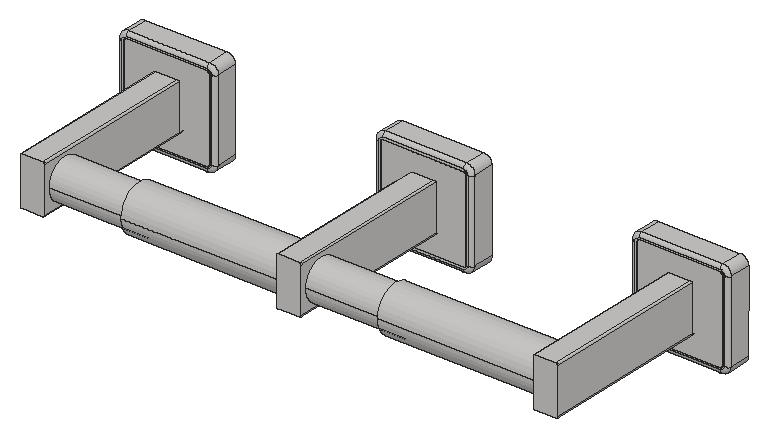
Revit family
Parameters (values of type "B-686")
  URL = "http://www.bobrick.com/"
  Revised Date = "30/08/2013"
  Product URL = "http://www.bobrick.com/washroomaccessories/Pages/ProductDetails.aspx?Product+Number=B-686"
  Phone # = "416.250.5656"
  Model = "B-686"
  Material = Stainless Steel
  Manufacturer = "Bobrick"
  Designed By = "ATS BIM Team"
  Description = "DOUBLE-ROLL TOILET TISSUE DISPENSER"
  Assembly Code = "E2020200"
Reference planes (in)
  plane 1 "Center (Front/Back)": y = 0
  plane 2: z = 0
  plane 3 "Center (Left/Right)": x = 0
  plane 4: y = -3.9375
  plane 5: z = 20
  plane 6: z = 18
  plane 7: y = -0.5
  plane 8: z = 19
  plane 9: x = -5.25
  plane 10: x = -6.25
  plane 11: x = -4.25
  plane 12: x = 1
  plane 13: x = -1
  plane 14: x = 5.25
  plane 15: x = 6.25
  plane 16: x = 4.25
Forms (in)
  Sweep 1, solid, material "Stainless Steel" <- "Material"
    path origin (-2.625, 0, 0) x (1, 0, 0) y (0, 0, 1)
      loop
        arc (-3.45534, 19.875) -> (-3.48692, 19.86192) -> (-3.5, 19.83034) r 0.04466
        line (-3.5, 19.83034) -> (-3.5, 18.16966)
        arc (-3.5, 18.16966) -> (-3.48692, 18.13808) -> (-3.45534, 18.125) r 0.04466
        line (-3.45534, 18.125) -> (-1.79466, 18.125)
        arc (-1.79466, 18.125) -> (-1.76308, 18.13808) -> (-1.75, 18.16966) r 0.04466
        line (-1.75, 18.16966) -> (-1.75, 19.83034)
        arc (-1.75, 19.83034) -> (-1.76308, 19.86192) -> (-1.79466, 19.875) r 0.04466
        line (-1.79466, 19.875) -> (-3.45534, 19.875)
    profile origin (-5.25, 0, 19.875) x (0, 0, 1) y (0, -1, 0)
      loop
        line (0, 0) -> (0.125, 0) -> (0.125, 0.43237)
        arc (0.125, 0.43237) -> (0.09627, 0.47998) -> (0.0444, 0.5) r 0.08586
        line (0.0444, 0.5) -> (0, 0.5) -> (0, 0)
  Extrusion 2, solid, material "Stainless Steel" <- "Material"
    sketch origin (-2.625, 0, 0) x (1, 0, 0) y (0, 0, 1)
      loop
        arc (-3.5, 18.16966) -> (-3.48692, 18.13808) -> (-3.45534, 18.125) r 0.04466
        line (-3.45534, 18.125) -> (-1.79466, 18.125)
        arc (-1.79466, 18.125) -> (-1.76308, 18.13808) -> (-1.75, 18.16966) r 0.04466
        line (-1.75, 18.16966) -> (-1.75, 19.83034)
        arc (-1.75, 19.83034) -> (-1.76308, 19.86192) -> (-1.79466, 19.875) r 0.04466
        line (-1.79466, 19.875) -> (-3.45534, 19.875)
        arc (-3.45534, 19.875) -> (-3.48692, 19.86192) -> (-3.5, 19.83034) r 0.04466
        line (-3.5, 19.83034) -> (-3.5, 18.16966)
    from 0 to 0.5
  Extrusion 3, solid, material "Stainless Steel" <- "Material"
    sketch origin (-2.625, 0, 0) x (1, 0, 0) y (0, 0, 1)
      loop
        arc (-2.84381, 19.5) -> (-2.86587, 19.49087) -> (-2.875, 19.46881) r 0.03119
        line (-2.875, 19.46881) -> (-2.875, 18.53119)
        arc (-2.875, 18.53119) -> (-2.86587, 18.50913) -> (-2.84381, 18.5) r 0.03119
        line (-2.84381, 18.5) -> (-2.40619, 18.5)
        arc (-2.40619, 18.5) -> (-2.38413, 18.50913) -> (-2.375, 18.53119) r 0.03119
        line (-2.375, 18.53119) -> (-2.375, 19.46881)
        arc (-2.375, 19.46881) -> (-2.38413, 19.49087) -> (-2.40619, 19.5) r 0.03119
        line (-2.40619, 19.5) -> (-2.84381, 19.5)
    from 0 to 3.9375
  Sweep 4, solid, material "Stainless Steel" <- "Material"
    path origin (-2.625, 0, 0) x (-1, 0, 0) y (0, 0, 1)
      loop
        arc (-3.45534, 19.875) -> (-3.48692, 19.86192) -> (-3.5, 19.83034) r 0.04466
        line (-3.5, 19.83034) -> (-3.5, 18.16966)
        arc (-3.5, 18.16966) -> (-3.48692, 18.13808) -> (-3.45534, 18.125) r 0.04466
        line (-3.45534, 18.125) -> (-1.79466, 18.125)
        arc (-1.79466, 18.125) -> (-1.76308, 18.13808) -> (-1.75, 18.16966) r 0.04466
        line (-1.75, 18.16966) -> (-1.75, 19.83034)
        arc (-1.75, 19.83034) -> (-1.76308, 19.86192) -> (-1.79466, 19.875) r 0.04466
        line (-1.79466, 19.875) -> (-3.45534, 19.875)
    profile origin (0, 0, 19.875) x (0, 0, -1) y (0, -1, 0)
      loop
        line (0, 0) -> (0, 0.5) -> (-0.0444, 0.5)
        arc (-0.0444, 0.5) -> (-0.09627, 0.47998) -> (-0.125, 0.43237) r 0.08586
        line (-0.125, 0.43237) -> (-0.125, 0) -> (0, 0)
  Extrusion 5, solid, material "Stainless Steel" <- "Material"
    sketch origin (-2.625, 0, 0) x (-1, 0, 0) y (0, 0, -1)
      loop
        line (-3.5, -18.16966) -> (-3.5, -19.83034)
        arc (-3.5, -19.83034) -> (-3.48692, -19.86192) -> (-3.45534, -19.875) r 0.04466
        line (-3.45534, -19.875) -> (-1.79466, -19.875)
        arc (-1.79466, -19.875) -> (-1.76308, -19.86192) -> (-1.75, -19.83034) r 0.04466
        line (-1.75, -19.83034) -> (-1.75, -18.16966)
        arc (-1.75, -18.16966) -> (-1.76308, -18.13808) -> (-1.79466, -18.125) r 0.04466
        line (-1.79466, -18.125) -> (-3.45534, -18.125)
        arc (-3.45534, -18.125) -> (-3.48692, -18.13808) -> (-3.5, -18.16966) r 0.04466
    from 0 to 0.5
  Extrusion 6, solid, material "Stainless Steel" <- "Material"
    sketch origin (-2.625, 0, 0) x (-1, 0, 0) y (0, 0, -1)
      loop
        line (-2.84381, -19.5) -> (-2.40619, -19.5)
        arc (-2.40619, -19.5) -> (-2.38413, -19.49087) -> (-2.375, -19.46881) r 0.03119
        line (-2.375, -19.46881) -> (-2.375, -18.53119)
        arc (-2.375, -18.53119) -> (-2.38413, -18.50913) -> (-2.40619, -18.5) r 0.03119
        line (-2.40619, -18.5) -> (-2.84381, -18.5)
        arc (-2.84381, -18.5) -> (-2.86587, -18.50913) -> (-2.875, -18.53119) r 0.03119
        line (-2.875, -18.53119) -> (-2.875, -19.46881)
        arc (-2.875, -19.46881) -> (-2.86587, -19.49087) -> (-2.84381, -19.5) r 0.03119
    from 0 to 3.9375
  Extrusion 7, solid, material "Stainless Steel" <- "Material"
    sketch origin (-2.625, 0, 0) x (0, 1, 0) y (0, 0, 1)
      loop
        circle (-3.43628, 19) r 0.46997
    from -0.83738 to 2.375
  Extrusion 8, solid, material "Stainless Steel" <- "Material"
    sketch origin (-2.625, 0, 0) x (0, 1, 0) y (0, 0, 1)
      loop
        circle (-3.43628, 19) r 0.40747
    from -2.375 to 0
  Sweep 9, solid, material "Stainless Steel" <- "Material"
    path origin (2.625, 0, 0) x (-1, 0, 0) y (0, 0, -1)
      loop
        line (-3.45534, -19.875) -> (-1.79466, -19.875)
        arc (-1.79466, -19.875) -> (-1.76308, -19.86192) -> (-1.75, -19.83034) r 0.04466
        line (-1.75, -19.83034) -> (-1.75, -18.16966)
        arc (-1.75, -18.16966) -> (-1.76308, -18.13808) -> (-1.79466, -18.125) r 0.04466
        line (-1.79466, -18.125) -> (-3.45534, -18.125)
        arc (-3.45534, -18.125) -> (-3.48692, -18.13808) -> (-3.5, -18.16966) r 0.04466
        line (-3.5, -18.16966) -> (-3.5, -19.83034)
        arc (-3.5, -19.83034) -> (-3.48692, -19.86192) -> (-3.45534, -19.875) r 0.04466
    profile origin (5.25, 0, 19.875) x (0, 0, -1) y (0, -1, 0)
      loop
        line (0, 0) -> (0, 0.5) -> (-0.0444, 0.5)
        arc (-0.0444, 0.5) -> (-0.09627, 0.47998) -> (-0.125, 0.43237) r 0.08586
        line (-0.125, 0.43237) -> (-0.125, 0) -> (0, 0)
  Extrusion 10, solid, material "Stainless Steel" <- "Material"
    sketch origin (2.625, 0, 0) x (-1, 0, 0) y (0, 0, -1)
      loop
        line (-3.5, -18.16966) -> (-3.5, -19.83034)
        arc (-3.5, -19.83034) -> (-3.48692, -19.86192) -> (-3.45534, -19.875) r 0.04466
        line (-3.45534, -19.875) -> (-1.79466, -19.875)
        arc (-1.79466, -19.875) -> (-1.76308, -19.86192) -> (-1.75, -19.83034) r 0.04466
        line (-1.75, -19.83034) -> (-1.75, -18.16966)
        arc (-1.75, -18.16966) -> (-1.76308, -18.13808) -> (-1.79466, -18.125) r 0.04466
        line (-1.79466, -18.125) -> (-3.45534, -18.125)
        arc (-3.45534, -18.125) -> (-3.48692, -18.13808) -> (-3.5, -18.16966) r 0.04466
    from 0 to 0.5
  Extrusion 11, solid, material "Stainless Steel" <- "Material"
    sketch origin (2.625, 0, 0) x (-1, 0, 0) y (0, 0, -1)
      loop
        line (-2.84381, -19.5) -> (-2.40619, -19.5)
        arc (-2.40619, -19.5) -> (-2.38413, -19.49087) -> (-2.375, -19.46881) r 0.03119
        line (-2.375, -19.46881) -> (-2.375, -18.53119)
        arc (-2.375, -18.53119) -> (-2.38413, -18.50913) -> (-2.40619, -18.5) r 0.03119
        line (-2.40619, -18.5) -> (-2.84381, -18.5)
        arc (-2.84381, -18.5) -> (-2.86587, -18.50913) -> (-2.875, -18.53119) r 0.03119
        line (-2.875, -18.53119) -> (-2.875, -19.46881)
        arc (-2.875, -19.46881) -> (-2.86587, -19.49087) -> (-2.84381, -19.5) r 0.03119
    from 0 to 3.9375
  Extrusion 12, solid, material "Stainless Steel" <- "Material"
    sketch origin (2.625, 0, 0) x (0, 1, 0) y (0, 0, 1)
      loop
        circle (-3.43628, 19) r 0.46997
    from -0.83738 to 2.375
  Extrusion 13, solid, material "Stainless Steel" <- "Material"
    sketch origin (2.625, 0, 0) x (0, 1, 0) y (0, 0, 1)
      loop
        circle (-3.43628, 19) r 0.40747
    from -2.375 to 0
Dimensions and locks (in)
  plane 4 to plane 1 "Center (Front/Back)" = 0' - 3 15/16"
  plane 5 to plane 6 = 0' - 2"
  plane 6 to plane 5 = 0' - 2"
  plane 7 to plane 1 "Center (Front/Back)" = 0' - 0 1/2"  (x2)
  plane 9 to plane 3 "Center (Left/Right)" to plane 14 = 0' - 5 1/4", 0' - 5 1/4"
  plane 10 to plane 11 = 0' - 2"
  plane 1 "Center (Front/Back)" to plane 4 = 0' - 3 15/16"
  plane 9 to plane 3 "Center (Left/Right)" = 0' - 5 1/4"
  plane 15 to plane 16 = 0' - 2"
  plane 15 to plane 10 = 1' - 0 1/2"
